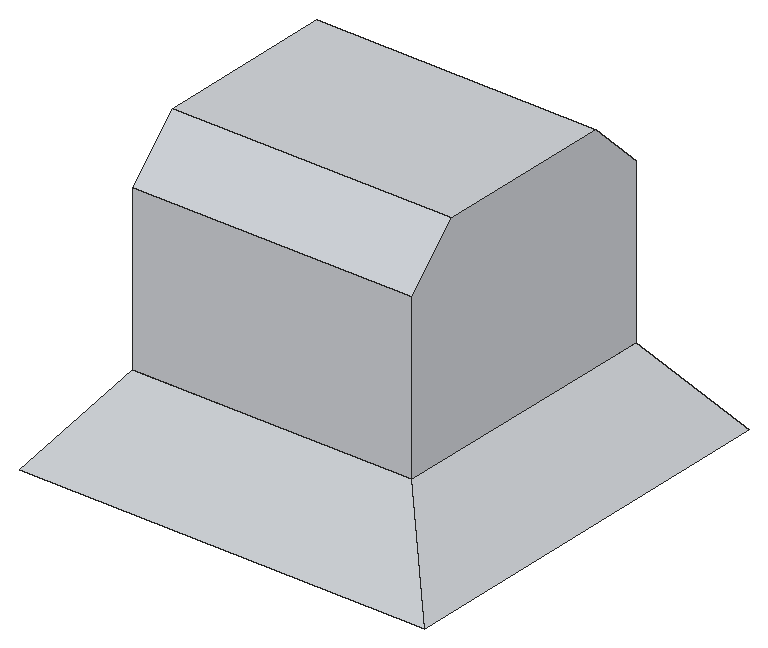
Revit family "SRSH-D", category Mechanical Equipment, Revit 2019
Family settings
  Round Connector Dimension = Use Diameter
  Part Type = Normal
  Work Plane-Based = No
  Always vertical = Yes
  Cut with Voids When Loaded = No
  Shared = No
  Room Calculation Point = No
Parameters (values of type "85_SRSH-D")
  Unit Weight [instance] = ""
  T_SQ/2+.125" = T_SQ / 2 + 0' 0 1/8"  # 0' - 9 1/4"
  T_SQ/2 = T_SQ / 2  # 0' - 9 1/8"
  T_SQ = 1' - 6 1/4"
  Sones [instance] = ""
  RO/2 = RO / 2  # 0' - 6 3/4"
  RO = T_SQ - 0' 4 3/4"  # 1' - 1 1/2"
  Motor RPM [instance] = ""
  Motor Enclosure [instance] = ""
  ModelID [instance] = ""
  LwA [instance] = ""
  G/2 = G / 2  # 0' - 6 17/32"
  G = 1' - 1 1/16"
  Fan RPM [instance] = ""
  F = 0' - 3 9/16"
  E = 0' - 11 25/32"
  D = 0' - 2"
  C/2 = C / 2  # 1' - 2 5/8"
  C = 2' - 5 1/4"
  B/2 = B / 2  # 0' - 0 1/2"
  B = 0' - 1"
  Accessories [instance] = ""
  A/2 = A / 2  # 0' - 11 23/32"
  A-B-E-F = A - B - E - F  # 0' - 7 3/32"
  A = 1' - 11 7/16"
  45 = 55.00°  # constant formula
  3" = 0' - 3"  # constant formula
  Brake Hp [instance] = ""
  4" = 0' - 4"  # constant formula
  2' = 2' - 0"
  2" = 0' - 2"  # constant formula
  1" = 0' - 1"  # constant formula
  0 = 0' - 0"  # constant formula
  Voltage [instance] = 0 V
  URL = "www.lorencook.com"
  Type Comments = "Tamper Proof Downblast Centrifugal Exhaust Ventilator Roof Mounted/Direct Drive"  # constant formula
  Static Pressure [instance] = 0.00 in-wg
  Power [instance] = Voltage * Motor FLA * sqrt(if(Phase = 3, 3, 1))  # 0 VA
  Phase [instance] = 0
  Number of Poles [instance] = 1
  Motor Hp [instance] = "0"
  Motor FLA [instance] = 0 A
  Model = "SRSH-D"  # constant formula
  Manufacturer = "Loren Cook Company"
  CFM [instance] = 0 CFM
  1.5 = 0' - 1 1/2"  # constant formula
  ONE EIGTH = 0' - 0 1/8"  # constant formula
  -C/2 = -C / 2  # -1' - 2 5/8"
  -(G+F+F)/2 = -(G + F + F) / 2  # -0' - 10 3/32"
  (G+F+F)/2 = (G + F + F) / 2  # 0' - 10 3/32"
Types (13): name | T_SQ/2+.125" | T_SQ/2 | T_SQ | RO/2 | RO | G/2 | G | F | E | D | C/2 | C | B/2 | B | A/2 | A-B-E-F | A | -C/2 | -(G+F+F)/2 | (G+F+F)/2
  (no name) | 0' - 9 1/4" | 0' - 9 1/8" | 1' - 6 1/4" | 0' - 6 3/4" | 1' - 1 1/2" | 0' - 6 17/32" | 1' - 1 1/16" | 0' - 3 9/16" | 0' - 11 25/32" | 0' - 2" | 1' - 2 5/8" | 2' - 5 1/4" | 0' - 0 1/2" | 0' - 1" | 0' - 11 23/32" | 0' - 7 3/32" | 1' - 11 7/16" | -1' - 2 5/8" | -0' - 10 3/32" | 0' - 10 3/32"
  60_SRSH-D | 0' - 9 1/4" | 0' - 9 1/8" | 1' - 6 1/4" | 0' - 6 3/4" | 1' - 1 1/2" | 0' - 6 17/32" | 1' - 1 1/16" | 0' - 3 9/16" | 0' - 11 25/32" | 0' - 2" | 1' - 2 5/8" | 2' - 5 1/4" | 0' - 0 1/2" | 0' - 1" | 0' - 11 23/32" | 0' - 7 3/32" | 1' - 11 7/16" | -1' - 2 5/8" | -0' - 10 3/32" | 0' - 10 3/32"
  70_SRSH-D | 0' - 9 1/4" | 0' - 9 1/8" | 1' - 6 1/4" | 0' - 6 3/4" | 1' - 1 1/2" | 0' - 6 17/32" | 1' - 1 1/16" | 0' - 3 9/16" | 0' - 11 25/32" | 0' - 2" | 1' - 2 5/8" | 2' - 5 1/4" | 0' - 0 1/2" | 0' - 1" | 0' - 11 23/32" | 0' - 7 3/32" | 1' - 11 7/16" | -1' - 2 5/8" | -0' - 10 3/32" | 0' - 10 3/32"
  80_SRSH-D | 0' - 9 1/4" | 0' - 9 1/8" | 1' - 6 1/4" | 0' - 6 3/4" | 1' - 1 1/2" | 0' - 6 17/32" | 1' - 1 1/16" | 0' - 3 9/16" | 0' - 11 25/32" | 0' - 2" | 1' - 2 5/8" | 2' - 5 1/4" | 0' - 0 1/2" | 0' - 1" | 0' - 11 23/32" | 0' - 7 3/32" | 1' - 11 7/16" | -1' - 2 5/8" | -0' - 10 3/32" | 0' - 10 3/32"
  100_SRSH-D | 0' - 9 1/4" | 0' - 9 1/8" | 1' - 6 1/4" | 0' - 6 3/4" | 1' - 1 1/2" | 0' - 6 17/32" | 1' - 1 1/16" | 0' - 3 9/16" | 0' - 11 25/32" | 0' - 2" | 1' - 2 5/8" | 2' - 5 1/4" | 0' - 0 1/2" | 0' - 1" | 0' - 11 23/32" | 0' - 7 3/32" | 1' - 11 7/16" | -1' - 2 5/8" | -0' - 10 3/32" | 0' - 10 3/32"
  120_SRSH-D | 0' - 10 1/4" | 0' - 10 1/8" | 1' - 8 1/4" | 0' - 7 3/4" | 1' - 3 1/2" | 0' - 6 17/32" | 1' - 1 1/16" | 0' - 4 19/32" | 0' - 10 25/32" | 0' - 2" | 1' - 4 11/32" | 2' - 8 11/16" | 0' - 0 1/2" | 0' - 1" | 1' - 0 11/32" | 0' - 8 5/16" | 2' - 0 11/16" | -1' - 4 11/32" | -0' - 11 1/8" | 0' - 11 1/8"
  135_SRSH-D | 0' - 10 1/4" | 0' - 10 1/8" | 1' - 8 1/4" | 0' - 7 3/4" | 1' - 3 1/2" | 0' - 6 17/32" | 1' - 1 1/16" | 0' - 4 19/32" | 0' - 10 25/32" | 0' - 2" | 1' - 4 7/8" | 2' - 9 3/4" | 0' - 0 1/2" | 0' - 1" | 1' - 0 13/16" | 0' - 9 1/4" | 2' - 1 5/8" | -1' - 4 7/8" | -0' - 11 1/8" | 0' - 11 1/8"
  150_SRSH-D | 1' - 0 1/4" | 1' - 0 1/8" | 2' - 0 1/4" | 0' - 9 3/4" | 1' - 7 1/2" | 0' - 8 1/32" | 1' - 4 1/16" | 0' - 5 3/32" | 1' - 1 7/32" | 0' - 2" | 1' - 7 13/32" | 3' - 2 13/16" | 0' - 0 1/2" | 0' - 1" | 1' - 2 25/32" | 0' - 10 1/4" | 2' - 5 9/16" | -1' - 7 13/32" | -1' - 1 1/8" | 1' - 1 1/8"
  165_SRSH-D | 1' - 0 1/4" | 1' - 0 1/8" | 2' - 0 1/4" | 0' - 9 3/4" | 1' - 7 1/2" | 0' - 8 1/32" | 1' - 4 1/16" | 0' - 5 3/32" | 1' - 1 7/32" | 0' - 2" | 1' - 7 31/32" | 3' - 3 15/16" | 0' - 0 1/2" | 0' - 1" | 1' - 3 1/4" | 0' - 11 3/16" | 2' - 6 1/2" | -1' - 7 31/32" | -1' - 1 1/8" | 1' - 1 1/8"
  180_SRSH-D | 1' - 3 1/4" | 1' - 3 1/8" | 2' - 6 1/4" | 1' - 0 3/4" | 2' - 1 1/2" | 0' - 10 1/32" | 1' - 8 1/16" | 0' - 6 3/32" | 1' - 4 1/4" | 0' - 3" | 1' - 11 25/32" | 3' - 11 9/16" | 0' - 0 3/4" | 0' - 1 1/2" | 1' - 6 7/32" | 1' - 0 19/32" | 3' - 0 7/16" | -1' - 11 25/32" | -1' - 4 1/8" | 1' - 4 1/8"
  65_SRSH-D | 0' - 9 1/4" | 0' - 9 1/8" | 1' - 6 1/4" | 0' - 6 3/4" | 1' - 1 1/2" | 0' - 6 17/32" | 1' - 1 1/16" | 0' - 3 9/16" | 0' - 11 25/32" | 0' - 2" | 1' - 2 5/8" | 2' - 5 1/4" | 0' - 0 1/2" | 0' - 1" | 0' - 11 23/32" | 0' - 7 3/32" | 1' - 11 7/16" | -1' - 2 5/8" | -0' - 10 3/32" | 0' - 10 3/32"
  75_SRSH-D | 0' - 9 1/4" | 0' - 9 1/8" | 1' - 6 1/4" | 0' - 6 3/4" | 1' - 1 1/2" | 0' - 6 17/32" | 1' - 1 1/16" | 0' - 3 9/16" | 0' - 11 25/32" | 0' - 2" | 1' - 2 5/8" | 2' - 5 1/4" | 0' - 0 1/2" | 0' - 1" | 0' - 11 23/32" | 0' - 7 3/32" | 1' - 11 7/16" | -1' - 2 5/8" | -0' - 10 3/32" | 0' - 10 3/32"
  85_SRSH-D | 0' - 9 1/4" | 0' - 9 1/8" | 1' - 6 1/4" | 0' - 6 3/4" | 1' - 1 1/2" | 0' - 6 17/32" | 1' - 1 1/16" | 0' - 3 9/16" | 0' - 11 25/32" | 0' - 2" | 1' - 2 5/8" | 2' - 5 1/4" | 0' - 0 1/2" | 0' - 1" | 0' - 11 23/32" | 0' - 7 3/32" | 1' - 11 7/16" | -1' - 2 5/8" | -0' - 10 3/32" | 0' - 10 3/32"
Reference planes (in)
  plane 1 "Center (Front/Back)": y = 0
  plane 2: z = 0
  plane 3 "Center (Left/Right)": x = 0.40541
Forms (in)
  Extrusion 1, solid
    sketch origin (0, 0, 0) x (1, 0, 0) y (0, 1, 0)
      loop
        line (-8.84459, 9.25) -> (-8.84459, -9.25) -> (9.65541, -9.25) -> (9.65541, 9.25) -> (-8.84459, 9.25)
    from 0 to 2 <- "D"
  Extrusion 2, solid
    sketch origin (0, 0, 0) x (1, 0, 0) y (0, 0, 1)
      loop
        line (-14.21959, 1) -> (15.03041, 1) -> (10.49916, 7.09375) -> (-9.68834, 7.09375) -> (-14.21959, 1)
    from -14.625 <- "-C/2" to 14.625 <- "C/2"
  Extrusion 3, void
    sketch origin (0.40541, 0, 0) x (0, 1, 0) y (0, 0, 1)
      loop
        line (14.625, 1) -> (14.625, 7.09375) -> (10.09375, 7.09375) -> (14.625, 1)
      loop
        line (-14.625, 7.09375) -> (-14.625, 1) -> (-10.09375, 7.09375) -> (-14.625, 7.09375)
    from 14.625 <- "C/2" to -14.625 <- "-C/2"
  Extrusion 4, solid
    sketch origin (0.40541, 0, 0) x (0, 1, 0) y (0, 0, 1)
      loop
        line (10.09375, 7.09375) -> (10.09375, 18.875) -> (6.53125, 22.4375) -> (-6.53125, 22.4375) -> (-10.09375, 18.875) -> (-10.09375, 7.09375) -> (10.09375, 7.09375)
    from -10.09375 <- "-(G+F+F)/2" to 10.09375 <- "(G+F+F)/2"
  Extrusion 5, void
    sketch origin (0, 0, 0) x (1, 0, 0) y (0, 1, 0)
      loop
        line (-8.71959, 9.125) -> (-8.71959, -9.125) -> (9.53041, -9.125) -> (9.53041, 9.125) -> (-8.71959, 9.125)
    from 0 to 2 <- "D"
Cuts and joins
  Extrusion 3, Extrusion 5 cuts Extrusion 1
  Extrusion 3, Extrusion 5 cuts Extrusion 2
Dimensions and locks (in)
  "T_SQ/2+.125"": Extrusion 1 sketch curve to plane 3 "Center (Left/Right)"
  "T_SQ/2+.125"": plane 3 "Center (Left/Right)" to Extrusion 1 sketch curve
  "T_SQ/2+.125"": plane 1 "Center (Front/Back)" to Extrusion 1 sketch curve
  "T_SQ/2+.125"": Extrusion 1 sketch curve to plane 1 "Center (Front/Back)"
  "B": Extrusion 2 sketch curve to level
  "A-B-E-F": Extrusion 2 sketch curve to level
  "C/2": Extrusion 2 sketch curve to plane 3 "Center (Left/Right)"
  "C/2": plane 3 "Center (Left/Right)" to Extrusion 2 sketch curve
  "0": Extrusion 3 sketch curve to Extrusion 2  (x6)
  "(G+F+F)/2": Extrusion 2 sketch curve to plane 3 "Center (Left/Right)"
  "(G+F+F)/2": plane 3 "Center (Left/Right)" to Extrusion 2 sketch curve
  "(G+F+F)/2": Extrusion 3 sketch curve to plane 1 "Center (Front/Back)"
  "(G+F+F)/2": plane 1 "Center (Front/Back)" to Extrusion 3 sketch curve
  "(G+F+F)/2": Extrusion 4 sketch curve to plane 1 "Center (Front/Back)"
  "(G+F+F)/2": plane 1 "Center (Front/Back)" to Extrusion 4 sketch curve
  Extrusion 4 sketch curve to Extrusion 4 sketch curve = 0' - 3 9/16"
  "F": Extrusion 4 sketch curve to Extrusion 4 sketch curve
  "E": Extrusion 4 sketch curve to Extrusion 4 sketch curve  (x2)
  "0": Extrusion 4 sketch curve to cut or joined group of Extrusion 2, Extrusion 3, Extrusion 5
  "G/2": Extrusion 4 sketch curve to plane 1 "Center (Front/Back)"
  "G/2": plane 1 "Center (Front/Back)" to Extrusion 4 sketch curve
  "T_SQ/2": Extrusion 5 sketch curve to plane 3 "Center (Left/Right)"
  "T_SQ/2": plane 3 "Center (Left/Right)" to Extrusion 5 sketch curve
  "T_SQ/2": plane 1 "Center (Front/Back)" to Extrusion 5 sketch curve
  "T_SQ/2": Extrusion 5 sketch curve to plane 1 "Center (Front/Back)"
Connectors (in)
  hvac at (0.40541, 0, 2), driven by "RO", driven by "RO"
    settings: on cut or joined group of Extrusion 1, Extrusion 3, Extrusion 5, index 1, duct flow 0 CFM, flow factor 0, pres drop 0.00 in-wg, loss coef 0, conn angle 0.00°, conn width 13 1/2", conn height 13 1/2", conn diameter 24", duct sys type 3, conn prof type 1, flow config 0, flow direction 1, loss method 0, conn ref index -1, conn util no, is conn primary yes, conn desc ""
  electrical at (0.40541, 0, 2)
    settings: on cut or joined group of Extrusion 1, Extrusion 3, Extrusion 5, index 2, voltage 0 V, apparent load 0 VA, apparent load phase1 0 VA, apparent load phase2 0 VA, apparent load phase3 0 VA, power factor 1, load classification "Other", number of poles 1, system type 30, power factor state 1, is connector primary yes, connector utility no, sub classification motor no, connector description ""
